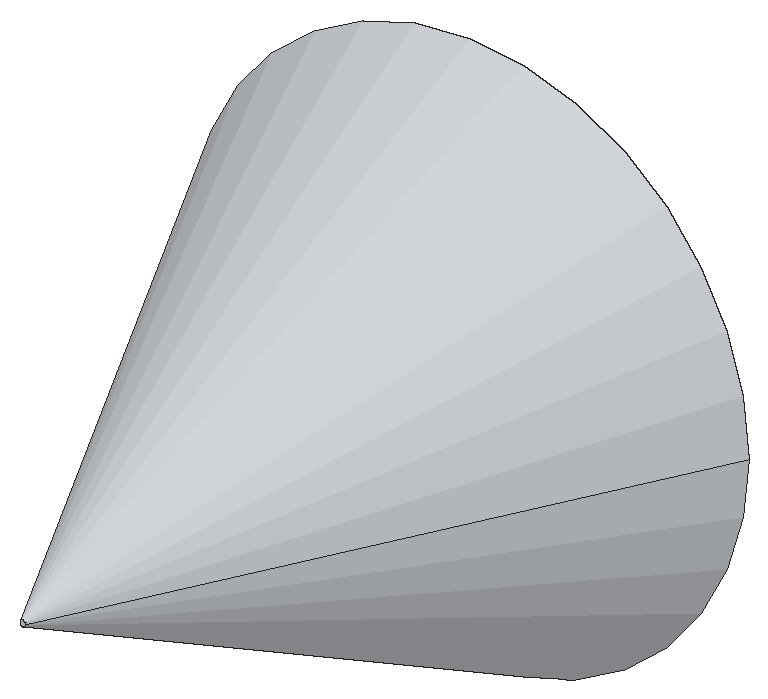
Revit family "Routing Connector Out Point2019", category 一般モデル, Revit 2020
Family settings
  鉄筋をホスト可能 = いいえ
  丸型コネクタ寸法 = 直径を使用
  パーツ タイプ = 標準
  作業面ベース = いいえ
  常に垂直 = はい
  ロード時にボイドで切り取り = いいえ
  共有 = いいえ
  部屋計算ポイント = いいえ
Parameters
  直径2 = 1 mm
  直径 [instance] = 100 mm
  既定の高さ = 0 mm
Reference planes
  plane 1 "中心(正面/背面)": y = 0
  plane 2: z = 0
  plane 3 "中心(左/右)": x = 0
Forms (mm)
  Blend 1, solid
    base sketch origin (0, 0, 0) x (1, 0, 0) y (0, 0, 1)
      loop
        circle (0, 0) r 50
    top sketch origin (0, 0, 0) x (1, 0, 0) y (0, 0, 1)
      loop
        circle (0, 0) r 0.5
    from 0 to 100
Dimensions and locks
  "直径": diameter of Blend 1 sketch curve
  "直径2": diameter of Blend 1 sketch curve
  aligned and locked: level to plane 2
Automatic sketch dimensions
  Blend 1 sketch curve to level = 0 mm  (x2)
  Blend 1 sketch curve to plane 3 "中心(左/右)" = 0 mm  (x2)
